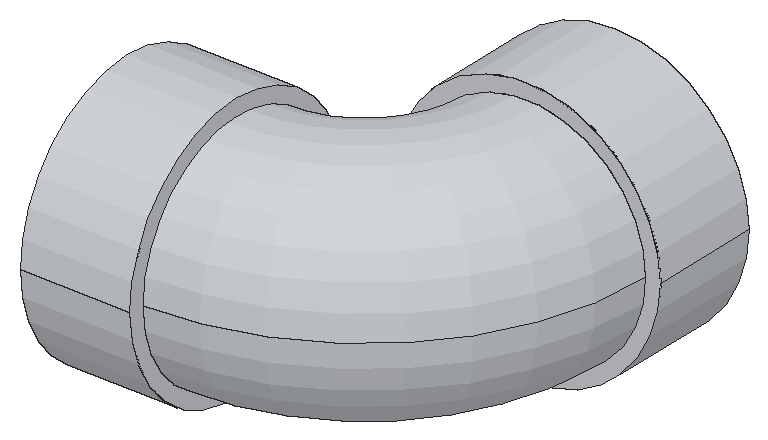
Revit family "ed2d91896bcf4285a5abcfb70a6d0c4d", category Pipe Fittings, Revit 2021
Family settings
  Round Connector Dimension = Use Radius
  Part Type = Elbow
  OmniClass Number = 23.60.30.11.14
  OmniClass Title = Pipework Fittings
  Seek Item ID = Elbow - Threaded - MI - Class 300-0000-USA-ENU
  Work Plane-Based = No
  Always vertical = Yes
  Cut with Voids When Loaded = No
  Shared = No
Parameters (values of type "Standard")
  Tick Size [instance] = Fitting Outside Diameter * 0.4  # 0.32913"
  Metal Thickness [instance] = size_lookup(Lookup Table Name, "MThk", 0.07 * Nominal Diameter + 31/256", Nominal Diameter)  # 0.14173"
  Loss Method = K Coefficient from Table
  Lookup Table Name = "Elbow - Threaded - MI - Class 300"
  Length 3 [instance] = Center to End * sin(Angle)  # 0.94094"
  Length 2 [instance] = Center to End * cos(Angle) + Center to End  # 0.94094"
  K Coefficient Table = "Regular Threaded 45, 90 and 180 Elbow"
  Fitting Outside Radius [instance] = Fitting Outside Diameter / 2  # 0.41142"
  Fitting Outside Diameter [instance] = Fitting Inside Diameter + Metal Thickness * 2  # 0.82283"
  Length 1 [instance] = (Fitting Outside Radius + 1/32") * tan(Angle / 2) + Band Width  # 0.82456"
  Nominal Radius [instance] = 1/8"
  Nominal Diameter [instance] = Nominal Radius * 2  # 1/4"
  Fitting Inside Diameter [instance] = size_lookup(Lookup Table Name, "FID", 1.04 * Nominal Diameter + 67/256", Nominal Diameter)  # 0.53937"
  Default Elevation = 0' - 0"
  Center to End 1 [instance] = size_lookup(Lookup Table Name, "CtE1", 0.86 * Nominal Diameter + 3/4", Nominal Diameter)  # 0.94094"
  Center to End 2 [instance] = size_lookup(Lookup Table Name, "CtE2", 0.62 * Nominal Diameter + 43/64", Nominal Diameter)  # 0.81102"
  Center to End [instance] = if(and(Angle > 0.00°, (not(Angle > 45.00°))), if(Center to End 2 > Fitting Outside Radius * tan(Angle / 2) + Band Width, Center to End 2, Length 1), if(Center to End 1 > Fitting Outside Radius * tan(Angle / 2) + Band Width, Center to End 1, Length 1))  # 0.94094"
  Center Radius [instance] = (Center to End - Band Width) / tan(Angle / 2)  # 0.55906"
  Band Width [instance] = size_lookup(Lookup Table Name, "BWid", 0.22 * Nominal Diameter + 97/256", Nominal Diameter)  # 0.38189"
  Band Outside Radius [instance] = Band Outside Diameter / 2  # 0.46457"
  Band Outside Diameter [instance] = size_lookup(Lookup Table Name, "BOD", 1.29 * Nominal Diameter + 161/256", Nominal Diameter)  # 0.92913"
  Assembly Code = ""
  Angle [instance] = 90.00°
Reference planes (in)
  plane 1 "Center (Front/Back)": y = 0
  plane 2: z = 0
  plane 3 "Center (Left/Right)": x = 0
  plane 4: x = -0.55906
  plane 5: x = -0.94094
  plane 6: y = 0.55906
  plane 7: y = 0.32913
  plane 8: y = -0.32913
  plane 9: x = 0
  plane 10: y = 0.94094
Forms (in)
  Sweep 1, solid, detail levels fine
    path in 3D
      loop
        arc (-0.55906, 0, 0) -> (-0.16374, 0.16374, 0) -> (0, 0.55906, 0) r 0.55906
    profile origin (-0.16374, 0.16374, 0) x (-0.707107, 0.707107, 0) y (0, 0, 1)
      loop
        circle (0, 0) r 0.41142
  Sweep 2, solid, detail levels fine
    path in 3D
      loop
        line (-0.94094, 0, 0) -> (-0.55906, 0, 0)
    profile origin (-0.75, 0, 0) x (0, 1, 0) y (0, 0, 1)
      loop
        circle (0, 0) r 0.46457
  Sweep 3, solid, detail levels fine
    path in 3D
      loop
        line (0, 0.55906, 0) -> (0, 0.94094, 0)
    profile origin (0, 0.75, 0) x (-1, 0, 0) y (0, 0, 1)
      loop
        circle (0, 0) r 0.46457
Cuts and joins
  joined: Sweep 1, Sweep 2, Sweep 3
Lines and regions (in)
  model lines, detail levels coarse+medium
    curve 1: line (-0.94094, 0, 0) -> (-0.55906, 0, 0)
    curve 2: arc (-0.55906, 0, 0) -> (-0.16374, 0.16374, 0) -> (0, 0.55906, 0) r 0.55906
    curve 3: line (0, 0.55906, 0) -> (0, 0.94094, 0)
    curve 8: line (-0.94094, 0, 0) -> (-0.94094, 0.32913, 0)
    curve 9: line (-0.94094, 0, 0) -> (-0.94094, -0.32913, 0)
    curve 10: line (0, 0.94094, 0) -> (-0.32913, 0.94094, 0)
    curve 11: line (0, 0.94094, 0) -> (0.32913, 0.94094, 0)
  sketch lines
    curve 4: arc (-0.55906, 0, 0) -> (-0.16374, 0.16374, 0) -> (0, 0.55906, 0) r 0.55906
    curve 5: line (-0.94094, 0, 0) -> (-0.55906, 0, 0)
    curve 6: line (0, 0.55906, 0) -> (0, 0.94094, 0)
  reference lines
    curve 7: line (-0.94094, 0, 0) -> (-0.55906, 0, 0)
    curve 12: line (0, 0.94094, 0) -> (0, 0.55906, 0)
Dimensions and locks (in)
  "Center Radius": plane 6 to plane 1 "Center (Front/Back)"
  "Band Width": plane 5 to plane 4
  "Tick Size": plane 7 to plane 1 "Center (Front/Back)"
  "Tick Size": plane 8 to plane 1 "Center (Front/Back)"
  "Band Width": curve 3 to curve 3
  "Tick Size": curve 10 to curve 10
  "Tick Size": curve 11 to curve 11
  "Center to End": plane 5 to plane 3 "Center (Left/Right)"
  "Length 2": plane 5 to plane 9
  "Length 3": plane 10 to plane 1 "Center (Front/Back)"
  "Center Radius": radius of curve 2
  "Fitting Outside Radius": radius of Sweep 1 sketch curve
  "Band Outside Radius": radius of Sweep 2 sketch curve
  "Band Outside Radius": radius of Sweep 3 sketch curve
  "Angle": angle curve 2 to curve 2
  "Angle": angle plane 1 "Center (Front/Back)" to curve 3
  locked: curve 11 to curve 3 (angle 90.00°)
  locked: curve 3 to curve 10 (angle 90.00°)
  "Angle": angle plane 10 to curve 12
  aligned and locked: plane 4 to curve 2
  aligned and locked: plane 5 to curve 7
  aligned and locked: plane 1 "Center (Front/Back)" to curve 7
  aligned and locked: plane 7 to curve 8
  aligned and locked: plane 1 "Center (Front/Back)" to curve 9
  aligned and locked: plane 8 to curve 9
  aligned and locked: curve 9 to plane 5
  aligned and locked: plane 9 to curve 12
  aligned and locked: plane 10 to curve 12
Automatic sketch dimensions
  Sweep 1 sketch curve to profile plane = 0' - 0"  (x2)
  Sweep 2 sketch curve to profile plane = 0' - 0"  (x2)
  Sweep 3 sketch curve to profile plane = 0' - 0"  (x2)
  curve 7 to plane 4 = 0' - 0"
Connectors (in)
  piping at (-0.94094, 0, 0), diameter 0.25, driven by "Angle", driven by "Nominal Radius"
    settings: on cut or joined group of Sweep 1, Sweep 2, Sweep 3, index 1, connector inside diameter 1/4", connector length 0' - 0", flow factor 0, pipe flow 0 GPM, pressure drop 0.00 psi, fitting loss kfactor 0, connector angle 90.00°, fixture units 0, engagement length 0' - 0", angle of deflection 0.00°, flow configuration 0, flow direction 0, fitting loss method 0, system type 28, joint type 0, gender type 0, connector reference index 2, connector utility 0, adjustable connector no, is connector primary yes, connector description ""
  piping at (0, 0.94094, 0), diameter 0.25, driven by "Angle", driven by "Nominal Radius"
    settings: on cut or joined group of Sweep 1, Sweep 2, Sweep 3, index 2, connector inside diameter 1/4", connector length 0' - 0", flow factor 0, pipe flow 0 GPM, pressure drop 0.00 psi, fitting loss kfactor 0, connector angle 90.00°, fixture units 0, engagement length 0' - 0", angle of deflection 0.00°, flow configuration 0, flow direction 0, fitting loss method 0, system type 28, joint type 0, gender type 0, connector reference index 1, connector utility 0, adjustable connector no, is connector primary no, connector description ""
